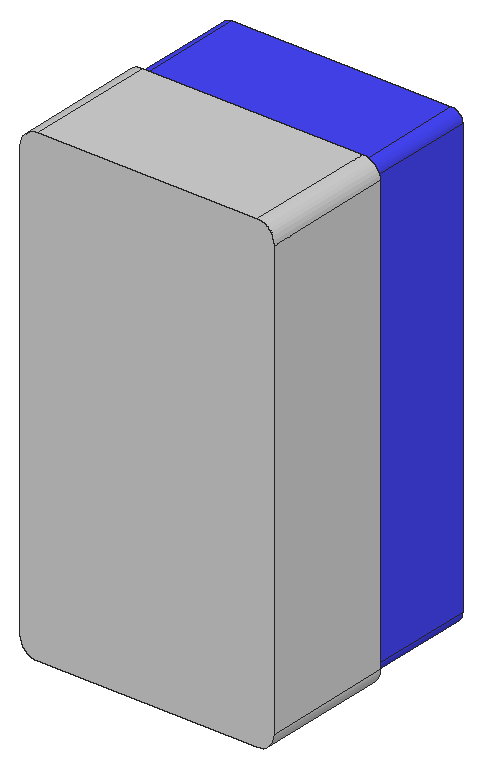
Revit family "Building-IEC309Connections-GEWISS-67IB-INTERLOCKED-SOCKET-OUTLETS_IP67_WITH_BOTTOM_63A", category Apparecchi elettrici, host Muro, Revit 2016
Family settings
  Host = Muro
  Mantenere orientamento annotazione = Sì
  Tipo di parte = Normale
  Quota connettore circolare = Usa diametro
  Numero OmniClass = 23.80.50.14
  Titolo OmniClass = Plug Connectors
  Sempre verticale = Sì
  Taglio con vuoti quando caricato = No
  Condiviso = No
  Punto di calcolo locali = No
Parameters (values of type "GW67266N - 63A 3P+N+E 500V V.INT.SOCK.O.W.B.7H SBF")
  Working temperature = "-25 ÷ +40 °C"
  With back-mounting box = "Yes"
  Vista di pianta [instance] = yes
  Vetro = GEWISS - vetro
  Version file RFA = "18.0"
  URL = "https://www.gewiss.com/ww/en"
  Typology = "Vertical"
  Tipo Simbolo = PRESAINDSTAGNA : 3P
  Thermo-pressure with ball = "125 °C (IB socket) - 80 °C (bottom)"
  Technical sheet = "https://www.gewiss.com/ww/en/search?q=GW67266N"
  Struttura frontale = GEWISS -BLU
  Struttura = GEWISS - Grigio RAL - 7035
  Simbolo [instance] = yes
  Shock resistance = "IK08"
  SEO = "Socket outlet"
  Reference h = "7"
  Realized by GEWISS S.p.A. = ""
  Rated voltage: = "480 - 500 V"
  Rated voltage = "480 - 500 V"
  Rated frequency (Hz) = "50/60 Hz"
  Rated current (In) = "63"
  Rated current (A) = "63"
  Protection = "NO (SBF)"
  Produttore = "GEWISS S.p.A."
  Presa = GEWISS - NERO
  Potenza = 500 V
  Operating temperature: = "-25 +40 °C"
  Numero poli = 3
  Number of poles = "3P+N+E"
  No. of poles = "3P+N+E"
  Modello = "GW67266N"
  Immagine tipo = GW67265N.jpg
  IP degree = "IP67"
  IFC.TypeObject = ""
  IFC.ExportType = ""
  IFC.ExportAs = ""
  IDT = "a25d3694-d0a1-482b-9cd4-b67b9b60fa6b"
  IDF = "51023168-ce68-4f6c-bb69-d728f941b970"
  Glow wire test: = "850 °C (IB socket) - 650 °C (bottom)"
  Glow Wire Test = "850 °C (IB socket) - 650 °C (bottom)"
  Frequency = "50/60 Hz"
  Electrocod = "2222"
  EAN code = "8011564742369"
  Distanza orizzontale del simbolo [instance] = 0 mm
  Distanza dal muro [instance] = 20 mm
  Descrizione = "63A 3P+N+E 500V V.INT.SOCK.O.W.B.7H SBF"
  Cornice simbolo [instance] = yes
  Colour: = "Black"
  Colour = "Black"
  Classificazione carico = Altro
  Catalogue Range = "67 IB"
  Catalogue = "BUILDING"
  Carico apparente = 0 VA
  COBie.Tagnumber = ""
  COBie.CreatedOn = ""
  COBie.CreatebBy = ""
  COBie.ComponentRegisterItemID = ""
  COBie.Component.TagNumber = ""
  COBie.Component.Space = ""
  COBie.Component.SerialNumber = ""
  COBie.Component.InstallationDate = ""
  COBie.Component.Description = ""
  COBie.Component.BarCode = ""
  Altezza da terra = 1111.728 mm
Reference planes
  plane 1 "Muro": y = 0
  plane 2 "Centro (Sinistra/Destra)": x = 125
  plane 3 "Indietro": y = 75
  plane 4: z = 1111.728
  plane 5: x = 125
Lines and regions (mm)
  Masking region 1, visible <- "Vista di pianta"
    outline origin (0, 86.291, 0) x (1, 0, 0) y (0, 1, 0)
      loop
        line (78.101, 137.709) -> (78.101, 130.821) -> (171.899, 130.821) -> (171.899, 137.709) -> (78.101, 137.709)
      loop
        line (56.116, 126.991) -> (56.116, 63.709) -> (193.884, 63.709) -> (193.884, 126.991) -> (56.116, 126.991)
  Masking region 2, visible <- "Vista di pianta"
    outline origin (0, 0, 0) x (1, 0, 0) y (0, 1, 0)
      loop
        line (87.653, 213.282) -> (165, 213.282) -> (165, 217.112) -> (87.653, 217.112) -> (87.653, 213.282)
      loop
        line (197.5, 150) -> (52.5, 150) -> (52.5, 75) -> (197.5, 75) -> (197.5, 150)
  Masking region 3
    outline origin (125, 0, 0) x (0, 1, 0) y (0, 0, 1)
      loop
        line (150, 1111.728) -> (150, 1381.528) -> (75, 1381.528) -> (75, 1111.728) -> (150, 1111.728)
      loop
        line (224, 1347.029) -> (213.282, 1347.029) -> (213.282, 1277.029) -> (224, 1277.029) -> (224, 1347.029)
      loop
        line (224, 1218.2) -> (213.282, 1218.2) -> (213.282, 1124.403) -> (224, 1124.403) -> (224, 1218.2)
  Masking region 4
    outline origin (125, 0, 0) x (0, 1, 0) y (0, 0, 1)
      loop
        line (213.282, 1115.344) -> (213.282, 1377.912) -> (150, 1377.912) -> (150, 1115.344) -> (213.282, 1115.344)
Text (mm)
  text "Lato posizionamento" at (-1848.837, 1116.779, 0), in view "Livello rif."
  text "Lato posizionamento" at (0, 1409.804, 2854.306), in view "Sinistra"
  text "Lato posizionamento" at (0, 499.811, 2980.732), in view "Destra"
Dimensions and locks
  locked: plane 3 "Indietro" to host wall
  "Altezza da terra": level to plane 4
  plane 4 to nested 1 = 269.8 mm
  nested 1 to nested 1 = 145 mm
  "Distanza orizzontale del simbolo": plane 5 to plane 2 "Centro (Sinistra/Destra)"
  aligned and locked: plane 1 "Muro" to host wall
  aligned and locked: plane 4 to nested 1
  aligned and locked: nested 2 to plane 5
  aligned and locked: Masking region 3 sketch curve to nested 1  (x8)
  aligned and locked: Masking region 4 sketch curve to nested 1  (x4)
  aligned and locked: nested 1 to plane 3 "Indietro"
  aligned and locked: plane 3 "Indietro" to nested 1
  aligned and locked: nested 1 to nested 1
  aligned and locked: Masking region 2 to nested 1  (x2)
  aligned and locked: nested 1 to Masking region 2
  aligned and locked: nested 1 to Masking region 1
Automatic sketch dimensions
  host wall to Masking region 1 sketch curve = 75 mm
  Masking region 1 sketch curve to plane 2 "Centro (Sinistra/Destra)" = 68.884 mm
  Masking region 1 sketch curve to Masking region 1 sketch curve = 21.986 mm  (x2)
  plane 2 "Centro (Sinistra/Destra)" to Masking region 1 sketch curve = 46.899 mm
  Masking region 1 sketch curve to Masking region 1 sketch curve = 63.282 mm
  Masking region 1 sketch curve to Masking region 1 sketch curve = 3.83 mm
  Masking region 1 sketch curve to Masking region 1 sketch curve = 6.888 mm
  Masking region 2 sketch curve to host wall = 0 mm
  host wall to Masking region 2 sketch curve = 75 mm
  Masking region 2 sketch curve to plane 2 "Centro (Sinistra/Destra)" = 72.5 mm
  Masking region 2 sketch curve to plane 2 "Centro (Sinistra/Destra)" = 37.347 mm
  plane 2 "Centro (Sinistra/Destra)" to Masking region 2 sketch curve = 40 mm
  Masking region 2 sketch curve to Masking region 2 sketch curve = 32.5 mm
  Masking region 2 sketch curve to Masking region 2 sketch curve = 63.282 mm
  Masking region 2 sketch curve to Masking region 2 sketch curve = 3.83 mm
  plane 4 to Masking region 3 sketch curve = 12.674 mm
  Masking region 3 sketch curve to Masking region 3 sketch curve = 93.797 mm
  Masking region 3 sketch curve to Masking region 3 sketch curve = 58.829 mm
  Masking region 3 sketch curve to Masking region 3 sketch curve = 34.5 mm
Nested families
  nested 1: "IB PRESE INTERBLOC" at (125, 75, 841.928) x (-1, 0, 0) z (0, 0, 1), type "IB PRESE INTERBLOC"
  nested 2: "PRESAINDSTAGNA" at (125, -324.982, 0), Distanza dal muro <- "Distanza dal muro", BORDO ACCESO <- "Cornice simbolo", SIMBOLO ACCESO <- "Simbolo", type <- "Tipo Simbolo", type "3P"
    with SIMBOLO ACCESO yes, Distanza dal muro 20 mm, BORDO ACCESO yes
  nested 3: "2D - IB PRESE INTERBLOC VERT 63A + PORTAFUS IP67" at (125, 0, 1111.728) x (-1, 0, 0) z (0, -1, 0), type "BIDIMENSIONALE"
Connectors
  electrical at (125, 112.5, 1111.728), driven by "Numero poli", driven by "Classificazione carico", driven by "Potenza", driven by "Carico apparente"
    settings: on nested 1, index 1, voltage 500 V, apparent load 0 VA, apparent load phase1 0 VA, apparent load phase2 0 VA, apparent load phase3 0 VA, power factor 1, load classification "Altro", number of poles 3, system type 31, power factor state 1, is connector primary yes, connector utility no, sub classification motor no, connector description ""
Definition of nested family "IB PRESE INTERBLOC"
  Parameters (values of type "IB PRESE INTERBLOC")
    Vetro = none
    Struttura frontale = none
    Struttura = none
    Spessore = 30 mm
    Default Elevation = 14 mm
    Presa = none
    Lunghezza = 145 mm
    IFC.TypeObject = ""
    IFC.ExportType = ""
    IFC.ExportAs = ""
    H_da terra = 269.8 mm
    COBie.CreatedOn = ""
    COBie.CreatebBy = ""
    COBie.ComponentRegisterItemID = ""
    COBie.Component.TagNumber = ""
    COBie.Component.Space = ""
    COBie.Component.SerialNumber = ""
    COBie.Component.InstallationDate = ""
    COBie.Component.Description = ""
    COBie.Component.BarCode = ""
    Altezza = 269.8 mm
  Reference planes
    plane 1 "Centro (Fronte/Retro)": y = 0
    plane 2: z = 0
    plane 3 "Centro (Sinistra/Destra)": x = 0
    plane 4: y = -75
    plane 5: x = -72.5
    plane 6: x = 72.5
    plane 7: z = 269.8
    plane 8: z = 539.6
    plane 9: x = -68.884
    plane 10: x = 68.884
    plane 11: z = 535.984
    plane 12: z = 273.416
    plane 13: y = -149
    plane 14: y = -138.282
    plane 15: y = -142.112
  Forms (mm)
    Extrusion 1, solid, material <- "Struttura"
      sketch origin (0, 0, 0) x (1, 0, 0) y (0, 0, 1)
        loop
          arc (-72.5, 279.8) -> (-69.571, 272.729) -> (-62.5, 269.8) r 10
          line (-62.5, 269.8) -> (62.5, 269.8)
          arc (62.5, 269.8) -> (69.571, 272.729) -> (72.5, 279.8) r 10
          line (72.5, 279.8) -> (72.5, 529.6)
          arc (72.5, 529.6) -> (69.571, 536.671) -> (62.5, 539.6) r 10
          line (62.5, 539.6) -> (-62.5, 539.6)
          arc (-62.5, 539.6) -> (-69.571, 536.671) -> (-72.5, 529.6) r 10
          line (-72.5, 529.6) -> (-72.5, 279.8)
      from 0 to 75
    Extrusion 2, solid, material <- "Struttura"
      sketch origin (0, 0, 0) x (1, 0, 0) y (0, 0, 1)
        loop
          line (-21.408, 374.665) -> (-32.003, 374.665)
          spline (-32.003, 374.665) -> (-33.047, 374.598) -> (-34.073, 374.397) -> (-35.063, 374.065) -> (-36.002, 373.609) -> (-36.871, 373.037) -> (-37.658, 372.357) -> (-38.347, 371.583) -> (-38.929, 370.726) -> (-39.391, 369.801) -> (-39.728, 368.826) -> (-39.932, 367.815) -> (-40, 366.787)
          line (-40, 366.787) -> (-40, 298.037)
          spline (-40, 298.037) -> (-39.932, 297.008) -> (-39.728, 295.997) -> (-39.391, 295.022) -> (-38.929, 294.097) -> (-38.347, 293.24) -> (-37.658, 292.466) -> (-36.871, 291.786) -> (-36.002, 291.214) -> (-35.063, 290.758) -> (-34.073, 290.427) -> (-33.047, 290.225) -> (-32.003, 290.158)
          line (-32.003, 290.158) -> (-21, 290.158) -> (29.35, 290.158)
          spline (29.35, 290.158) -> (30.394, 290.225) -> (31.42, 290.427) -> (32.411, 290.758) -> (33.349, 291.214) -> (34.218, 291.786) -> (35.005, 292.466) -> (35.695, 293.24) -> (36.276, 294.097) -> (36.738, 295.022) -> (37.075, 295.997) -> (37.279, 297.008) -> (37.347, 298.037)
          line (37.347, 298.037) -> (37.347, 366.787)
          spline (37.347, 366.787) -> (37.279, 367.815) -> (37.075, 368.826) -> (36.738, 369.801) -> (36.276, 370.726) -> (35.695, 371.583) -> (35.005, 372.357) -> (34.218, 373.037) -> (33.349, 373.609) -> (32.411, 374.065) -> (31.42, 374.397) -> (30.394, 374.598) -> (29.35, 374.665)
          line (29.35, 374.665) -> (-21.408, 374.665)
      from 138.282 to 142.112
    Extrusion 3, solid, material <- "Presa"
      sketch origin (0, 0, 0) x (1, 0, 0) y (0, 0, 1)
        loop
          circle (0, 329.373) r 46.899
      from 142.112 to 149
    Extrusion 4, solid, material <- "Struttura"
      sketch origin (0, 0, -15) x (1, 0, 0) y (0, 0, 1)
        loop
          circle (0, 485.1) r 35
        loop
          circle (0, 485.1) r 30
      from 138.282 to 149
    Extrusion 5, solid, material <- "Struttura frontale"
      sketch origin (0, 0, 0) x (1, 0, 0) y (0, 0, 1)
        loop
          arc (68.884, 529.678) -> (67.037, 534.137) -> (62.578, 535.984) r 6.306
          line (62.578, 535.984) -> (-62.578, 535.984)
          arc (-62.578, 535.984) -> (-67.037, 534.137) -> (-68.884, 529.678) r 6.306
          line (-68.884, 529.678) -> (-68.884, 279.931)
          arc (-68.884, 279.931) -> (-66.976, 275.324) -> (-62.369, 273.416) r 6.515
          line (-62.369, 273.416) -> (62.369, 273.416)
          arc (62.369, 273.416) -> (66.976, 275.324) -> (68.884, 279.931) r 6.515
          line (68.884, 279.931) -> (68.884, 529.678)
      from 75 to 138.282
    Extrusion 6, solid, material <- "Struttura"
      sketch origin (0, 0, 0) x (1, 0, 0) y (0, 0, 1)
        loop
          arc (-9.963, 471.083) -> (-10.236, 469.705) -> (-10.015, 468.317) r 4.001
          arc (-10.015, 468.317) -> (-9.857, 467.856) -> (-9.704, 467.394) r 53.759
          arc (-9.704, 467.394) -> (-7.693, 459.075) -> (-7.017, 450.544) r 54.183
          line (-7.017, 450.544) -> (-7.017, 442.035)
          spline (-7.017, 442.035) -> (-7.011, 441.922) -> (-6.992, 441.811) -> (-6.96, 441.703) -> (-6.917, 441.598) -> (-6.862, 441.5) -> (-6.796, 441.408) -> (-6.72, 441.324) -> (-6.635, 441.249) -> (-6.543, 441.185) -> (-6.443, 441.131) -> (-6.339, 441.088) -> (-6.23, 441.058)
          arc (-6.23, 441.058) -> (0, 440.389) -> (6.229, 441.058) r 29.316
          spline (6.229, 441.058) -> (6.338, 441.088) -> (6.443, 441.131) -> (6.542, 441.185) -> (6.634, 441.249) -> (6.719, 441.324) -> (6.795, 441.408) -> (6.861, 441.5) -> (6.916, 441.598) -> (6.959, 441.703) -> (6.991, 441.811) -> (7.01, 441.922) -> (7.016, 442.035)
          line (7.016, 442.035) -> (7.016, 450.535)
          arc (7.016, 450.535) -> (7.692, 459.068) -> (9.704, 467.389) r 54.184
          arc (9.704, 467.389) -> (9.858, 467.853) -> (10.016, 468.315) r 53.759
          arc (10.016, 468.315) -> (10.237, 469.703) -> (9.965, 471.082) r 4.002
          arc (9.965, 471.082) -> (6.667, 482.627) -> (5.575, 494.585) r 64.271
          line (5.575, 494.585) -> (5.607, 501.191)
          arc (5.607, 501.191) -> (5.346, 501.852) -> (4.711, 502.172) r 1
          arc (4.711, 502.172) -> (2.359, 502.356) -> (0, 502.417) r 45.391
          arc (0, 502.417) -> (-2.359, 502.356) -> (-4.711, 502.172) r 45.391
          arc (-4.711, 502.172) -> (-5.346, 501.852) -> (-5.607, 501.191) r 1
          line (-5.607, 501.191) -> (-5.574, 494.585)
          arc (-5.574, 494.585) -> (-6.667, 482.628) -> (-9.963, 471.083) r 64.271
      from 138.282 to 149
  Dimensions and locks
    "H_da terra": plane 7 to level
    "Altezza": plane 8 to plane 7
    equal spacing: plane 5, plane 3 "Centro (Sinistra/Destra)", plane 6
    "Lunghezza": plane 5 to plane 6
    locked: plane 8 to plane 11 at 3.616
    locked: plane 12 to plane 7 at 3.616
    locked: plane 5 to plane 9 at 3.616
    locked: plane 6 to plane 10 at 3.616
    locked: plane 13 to plane 15 at 6.888
    locked: plane 13 to plane 14 at 10.718
    locked: plane 13 to plane 4 at 74
    locked: plane 13 to plane 1 "Centro (Fronte/Retro)" at 149
    aligned and locked: level to plane 2
    aligned and locked: Extrusion 1 sketch curve to plane 5
    aligned and locked: Extrusion 1 sketch curve to plane 7
    aligned and locked: Extrusion 1 sketch curve to plane 6
    aligned and locked: Extrusion 1 sketch curve to plane 8
    aligned and locked: Extrusion 1 to plane 4
    aligned and locked: Extrusion 5 sketch curve to plane 10
    aligned and locked: Extrusion 5 sketch curve to plane 9
    aligned and locked: Extrusion 5 sketch curve to plane 12
    aligned and locked: Extrusion 5 sketch curve to plane 11
    aligned and locked: plane 4 to Extrusion 5
    aligned and locked: Extrusion 4 to Extrusion 5
    aligned and locked: Extrusion 4 to Extrusion 3
    aligned and locked: Extrusion 3 to Extrusion 2
    aligned and locked: Extrusion 2 to Extrusion 6
    aligned and locked: Extrusion 6 to Extrusion 3
    aligned and locked: plane 13 to Extrusion 3
    aligned and locked: plane 14 to Extrusion 5
    aligned and locked: plane 15 to Extrusion 2
    aligned and locked: Extrusion 2 to Extrusion 4
  Automatic sketch dimensions
    Extrusion 1 sketch curve to plane 9 = 6.384 mm  (x2)
    Extrusion 1 sketch curve to plane 10 = 6.384 mm  (x2)
    Extrusion 2 sketch curve to plane 9 = 28.884 mm
    Extrusion 2 sketch curve to Extrusion 2 sketch curve = 7.997 mm  (x3)
    Extrusion 2 sketch curve to plane 10 = 39.534 mm  (x2)
    Extrusion 2 sketch curve to plane 12 = 16.742 mm
    Extrusion 2 sketch curve to Extrusion 2 sketch curve = 7.878 mm  (x3)
    Extrusion 2 sketch curve to Extrusion 2 sketch curve = 68.75 mm
    Extrusion 2 sketch curve to Extrusion 2 sketch curve = 0 mm
    Extrusion 2 sketch curve to Extrusion 2 sketch curve = 2.599 mm
    Extrusion 2 sketch curve to Extrusion 2 sketch curve = 3.006 mm
    Extrusion 3 sketch curve to plane 3 "Centro (Sinistra/Destra)" = 0 mm
    Extrusion 3 sketch curve to plane 12 = 55.957 mm
    Extrusion 5 sketch curve to plane 9 = 6.306 mm
    Extrusion 5 sketch curve to plane 9 = 6.515 mm
    Extrusion 5 sketch curve to Extrusion 5 sketch curve = 6.515 mm
    Extrusion 5 sketch curve to Extrusion 5 sketch curve = 6.306 mm
    Extrusion 4 sketch curve to Extrusion 4 sketch curve = 0 mm  (x2)
    Extrusion 4 sketch curve to plane 3 "Centro (Sinistra/Destra)" = 0 mm
    Extrusion 4 sketch curve to plane 11 = 65.884 mm
    Extrusion 6 sketch curve to plane 3 "Centro (Sinistra/Destra)" = 0 mm  (x2)
    Extrusion 6 sketch curve to plane 3 "Centro (Sinistra/Destra)" = 0.003 mm
    Extrusion 6 sketch curve to plane 3 "Centro (Sinistra/Destra)" = 4.607 mm
    Extrusion 6 sketch curve to plane 3 "Centro (Sinistra/Destra)" = 5.574 mm
    Extrusion 6 sketch curve to Extrusion 6 sketch curve = 1 mm  (x4)
    Extrusion 6 sketch curve to plane 3 "Centro (Sinistra/Destra)" = 6.236 mm
    Extrusion 6 sketch curve to plane 3 "Centro (Sinistra/Destra)" = 7.017 mm
    Extrusion 6 sketch curve to plane 9 = 8.087 mm
    Extrusion 6 sketch curve to Extrusion 6 sketch curve = 0.402 mm  (x2)
    plane 9 to Extrusion 6 sketch curve = 0.961 mm
    plane 3 "Centro (Sinistra/Destra)" to Extrusion 6 sketch curve = 0.003 mm
    plane 3 "Centro (Sinistra/Destra)" to Extrusion 6 sketch curve = 4.607 mm
    plane 3 "Centro (Sinistra/Destra)" to Extrusion 6 sketch curve = 5.575 mm
    plane 3 "Centro (Sinistra/Destra)" to Extrusion 6 sketch curve = 6.236 mm
    plane 3 "Centro (Sinistra/Destra)" to Extrusion 6 sketch curve = 7.016 mm
    Extrusion 6 sketch curve to plane 10 = 8.086 mm
    plane 10 to Extrusion 6 sketch curve = 0.962 mm
    Extrusion 6 sketch curve to plane 11 = 93.949 mm
    Extrusion 6 sketch curve to Extrusion 6 sketch curve = 0 mm  (x3)
    Extrusion 6 sketch curve to Extrusion 6 sketch curve = 8.509 mm
    Extrusion 6 sketch curve to Extrusion 6 sketch curve = 8.5 mm
    Extrusion 6 sketch curve to Extrusion 6 sketch curve = 0.132 mm
    Extrusion 6 sketch curve to Extrusion 6 sketch curve = 0.138 mm
    Extrusion 6 sketch curve to Extrusion 6 sketch curve = 6.491 mm
    Extrusion 6 sketch curve to Extrusion 6 sketch curve = 12.604 mm
    Extrusion 6 sketch curve to Extrusion 6 sketch curve = 0.001 mm
    Extrusion 6 sketch curve to Extrusion 6 sketch curve = 0.075 mm
    Extrusion 6 sketch curve to Extrusion 6 sketch curve = 43.754 mm
    Extrusion 6 sketch curve to Extrusion 6 sketch curve = 43.752 mm
    Extrusion 6 sketch curve to Extrusion 6 sketch curve = 24.955 mm
    Extrusion 6 sketch curve to Extrusion 6 sketch curve = 6.593 mm  (x2)
    Extrusion 6 sketch curve to Extrusion 6 sketch curve = 0.013 mm  (x2)
    Extrusion 6 sketch curve to Extrusion 6 sketch curve = 0.104 mm
    Extrusion 6 sketch curve to Extrusion 6 sketch curve = 0.212 mm  (x2)
    Extrusion 6 sketch curve to Extrusion 6 sketch curve = 0.372 mm  (x2)
    Extrusion 6 sketch curve to Extrusion 6 sketch curve = 3.468 mm  (x2)
    Extrusion 6 sketch curve to Extrusion 6 sketch curve = 0.26 mm
    Extrusion 6 sketch curve to Extrusion 6 sketch curve = 0.261 mm
    Extrusion 6 sketch curve to Extrusion 6 sketch curve = 0.977 mm
    radius of Extrusion 3 sketch curve = 46.899 mm
    radius of Extrusion 4 sketch curve = 35 mm
    radius of Extrusion 4 sketch curve = 30 mm
Definition of nested family "PRESAINDSTAGNA"
  Parameters (values of type "2P")
    SIMBOLO ACCESO [instance] = yes
    SIMBOLO = PRESAINDSTAGNA_BASE : 2P
    Distanza dal muro [instance] = 0 mm
    BORDO ACCESO [instance] = yes
  Types (2, lengths in mm): name | SIMBOLO
    2P | PRESAINDSTAGNA_BASE : 2P
    3P | PRESAINDSTAGNA_BASE : 3P
  Reference planes
    plane 1: y = 0
    plane 2: x = 0
  Dimensions and locks
    "Distanza dal muro": plane 1 to nested 1
    aligned and locked: plane 2 to nested 1
  Nested families
    nested 1: "PRESAINDSTAGNA_BASE" at (0, 0, 0), type <- "SIMBOLO", CORNICE SIMBOLO <- "BORDO ACCESO", visible <- "SIMBOLO ACCESO", type "2P"
  Definition of nested family "PRESAINDSTAGNA_BASE"
    Parameters (values of type "3P")
      CORNICE SIMBOLO [instance] = yes
      3P = yes
    Types (2, lengths in mm): name | 3P
      3P | yes
      2P | no
    Reference planes
      plane 1: y = 0
      plane 2: x = 0
    Lines and regions (mm)
      detail lines, not visible
        curve 1: line (-2.443, 10.208, 0) -> (2.057, 10.208, 0)
        curve 2: line (2.057, 10.208, 0) -> (2.057, 4.208, 0)
        curve 3: line (2.057, 4.208, 0) -> (-2.443, 4.208, 0)
        curve 4: line (-2.443, 4.208, 0) -> (-2.443, 10.208, 0)
        curve 5: line (-2.043, 9.808, 0) -> (1.657, 9.808, 0)
        curve 6: line (1.657, 9.808, 0) -> (1.657, 4.608, 0)
        curve 7: line (1.657, 4.608, 0) -> (-2.043, 4.608, 0)
        curve 8: line (-2.043, 4.608, 0) -> (-2.043, 9.808, 0)
      detail lines
        curve 9: line (-0.333, 0.928, 0) -> (-0.05, 0.928, 0)
        curve 10: line (-0.05, 0.928, 0) -> (0.417, 1.737, 0)
        curve 11: line (0.417, 1.737, 0) -> (0.764, 1.537, 0)
        curve 12: line (-0.05, 0.928, 0) -> (-0.333, 0.437, 0)
        curve 13: line (-0.333, 0.437, 0) -> (-0.333, 2.059, 0)
        curve 14: line (0.222, 1.399, 0) -> (0.569, 1.199, 0)
        curve 15: line (-0.723, 0.437, 0) -> (0.057, 0.437, 0)
        curve 16: line (-0.333, 0.81, 0) -> (-0.216, 0.928, 0)
        curve 17: line (-0.333, 0.741, 0) -> (-0.147, 0.928, 0)
        curve 18: line (-0.333, 0.672, 0) -> (-0.078, 0.928, 0)
        curve 19: line (-0.333, 0.603, 0) -> (-0.106, 0.831, 0)
        curve 20: line (-0.333, 0.534, 0) -> (-0.2, 0.668, 0)
        curve 22: arc (-0.723, 0.047, 0) -> (-0.333, 0.437, 0) -> (0.057, 0.047, 0) r 0.39
        curve 23: line (-0.8, 2.1, 0) -> (0.8, 2.1, 0)
        curve 24: line (-0.8, 0, 0) -> (-0.8, 2.1, 0)
        curve 25: line (0.8, 0, 0) -> (-0.8, 0, 0)
        curve 26: line (0.8, 2.1, 0) -> (0.8, 0, 0)
      detail lines, visible <- "3P"
        curve 21: line (0.028, 1.061, 0) -> (0.374, 0.861, 0)
Definition of nested family "2D - IB PRESE INTERBLOC VERT 63A + PORTAFUS IP67"
  Reference planes
    plane 1 "Centro (Fronte/Retro)": y = 0
    plane 2: z = 0
    plane 3 "Centro (Sinistra/Destra)": x = 0
  Lines and regions (mm)
    model lines, in view "Livello rif."
      curve 1: line (-51.107, 115.534, 0) -> (-51.107, 90.518, 0)
      curve 2: line (-13.3, 65.007, 0) -> (13.306, 65.007, 0)
      curve 3: spline (51.107, 115.534, 0) -> (51.028, 116.714, 0) -> (50.793, 117.874, 0) -> (50.404, 118.994, 0) -> (49.869, 120.055, 0) -> (49.198, 121.039, 0) -> (48.401, 121.928, 0) -> (47.492, 122.708, 0) -> (46.487, 123.365, 0) -> (45.403, 123.888, 0) -> (44.259, 124.268, 0) -> (43.073, 124.499, 0) -> (41.867, 124.576, 0)
      curve 4: spline (-41.877, 124.576, 0) -> (-43.083, 124.498, 0) -> (-44.267, 124.266, 0) -> (-45.41, 123.885, 0) -> (-46.493, 123.362, 0) -> (-47.497, 122.704, 0) -> (-48.404, 121.924, 0) -> (-49.2, 121.035, 0) -> (-49.871, 120.052, 0) -> (-50.405, 118.992, 0) -> (-50.793, 117.873, 0) -> (-51.028, 116.713, 0) -> (-51.107, 115.534, 0)
      curve 5: spline (-56.595, 57.387, 0) -> (-54.666, 43.793, 0) -> (-49.012, 31.126, 0) -> (-40.018, 20.248, 0) -> (-28.297, 11.901, 0) -> (-14.647, 6.654, 0) -> (0.001, 4.865, 0) -> (14.648, 6.655, 0) -> (28.298, 11.902, 0) -> (40.019, 20.249, 0) -> (49.013, 31.127, 0) -> (54.667, 43.794, 0) -> (56.595, 57.388, 0) -> (54.666, 70.982, 0) -> (49.012, 83.649, 0) -> (40.018, 94.527, 0) -> (28.297, 102.874, 0) -> (14.647, 108.121, 0) -> (-0.001, 109.91, 0) -> (-14.648, 108.12, 0) -> (-28.298, 102.873, 0) -> (-40.019, 94.526, 0) -> (-49.013, 83.648, 0) -> (-54.667, 70.981, 0) -> (-56.595, 57.387, 0)
      curve 6: arc (6.31, 44.538, 0) -> (9.796, 44.596, 0) -> (13.282, 44.683, 0) r 420.797
      curve 7: line (19.056, 124.576, 0) -> (41.867, 124.576, 0)
      curve 8: line (-41.877, 124.576, 0) -> (-19.059, 124.576, 0)
      curve 9: line (13.282, 44.683, 0) -> (13.585, 44.733, 0)
      curve 10: line (13.585, 44.733, 0) -> (13.74, 44.788, 0)
      curve 11: line (13.74, 44.788, 0) -> (13.892, 44.866, 0)
      curve 12: line (13.892, 44.866, 0) -> (14.123, 45.045, 0)
      curve 13: line (14.123, 45.045, 0) -> (14.304, 45.279, 0)
      curve 14: line (14.304, 45.279, 0) -> (14.406, 45.526, 0)
      curve 15: line (14.406, 45.526, 0) -> (14.437, 45.765, 0)
      curve 16: line (-14.438, 45.772, 0) -> (-14.407, 45.531, 0)
      curve 17: line (-14.407, 45.531, 0) -> (-14.31, 45.29, 0)
      curve 18: line (-14.31, 45.29, 0) -> (-14.132, 45.053, 0)
      curve 19: line (-14.132, 45.053, 0) -> (-13.901, 44.871, 0)
      curve 20: line (-13.901, 44.871, 0) -> (-13.746, 44.79, 0)
      curve 21: line (-13.746, 44.79, 0) -> (-13.589, 44.733, 0)
      curve 22: line (-13.589, 44.733, 0) -> (-13.282, 44.683, 0)
      curve 23: line (-13.282, 44.683, 0) -> (-7.223, 44.55, 0)
      curve 24: line (-7.223, 44.55, 0) -> (-2.686, 44.505, 0)
      curve 25: line (-2.686, 44.505, 0) -> (3.695, 44.505, 0)
      curve 26: line (3.695, 44.505, 0) -> (6.31, 44.538, 0)
      curve 27: arc (19.056, 132.003, 0) -> (18.717, 132.82, 0) -> (17.901, 133.158, 0) r 1.155
      curve 28: arc (-17.904, 133.157, 0) -> (-18.721, 132.819, 0) -> (-19.059, 132.002, 0) r 1.155
      curve 29: spline (-51.109, 21.759, 0) -> (-51.029, 20.568, 0) -> (-50.792, 19.398, 0) -> (-50.401, 18.268, 0) -> (-49.863, 17.199, 0) -> (-49.187, 16.208, 0) -> (-48.385, 15.313, 0) -> (-47.471, 14.529, 0) -> (-46.461, 13.869, 0) -> (-45.371, 13.345, 0) -> (-44.221, 12.966, 0) -> (-43.03, 12.739, 0) -> (-41.82, 12.667, 0)
      curve 30: spline (41.861, 12.667, 0) -> (43.066, 12.744, 0) -> (44.251, 12.976, 0) -> (45.396, 13.358, 0) -> (46.479, 13.884, 0) -> (47.484, 14.544, 0) -> (48.393, 15.328, 0) -> (49.19, 16.222, 0) -> (49.861, 17.21, 0) -> (50.396, 18.276, 0) -> (50.785, 19.402, 0) -> (51.021, 20.568, 0) -> (51.1, 21.754, 0)
      curve 31: spline (-36.96, 56.355, 0) -> (-35.701, 47.478, 0) -> (-32.008, 39.205, 0) -> (-26.135, 32.101, 0) -> (-18.48, 26.65, 0) -> (-9.566, 23.223, 0) -> (0, 22.055, 0) -> (9.566, 23.223, 0) -> (18.48, 26.65, 0) -> (26.134, 32.101, 0) -> (32.008, 39.205, 0) -> (35.701, 47.477, 0) -> (36.96, 56.355, 0)
      curve 32: spline (36.96, 56.354, 0) -> (36.411, 62.244, 0) -> (34.781, 67.959, 0) -> (32.117, 73.329, 0) -> (28.499, 78.195, 0) -> (24.035, 82.413, 0) -> (18.856, 85.856, 0) -> (13.118, 88.422, 0) -> (6.99, 90.037, 0) -> (0.654, 90.65, 0) -> (-5.702, 90.245, 0) -> (-11.888, 88.833, 0) -> (-17.72, 86.456, 0)
      curve 33: spline (-17.72, 86.456, 0) -> (-20.54, 84.871, 0) -> (-23.197, 83.059, 0) -> (-25.668, 81.034, 0) -> (-27.936, 78.813, 0) -> (-29.981, 76.414, 0) -> (-31.788, 73.854, 0) -> (-33.342, 71.156, 0) -> (-34.631, 68.34, 0) -> (-35.644, 65.428, 0) -> (-36.373, 62.444, 0) -> (-36.813, 59.412, 0) -> (-36.96, 56.355, 0)
      curve 34: spline (40.805, 19.833, 0) -> (40.81, 19.838, 0) -> (40.815, 19.843, 0) -> (40.819, 19.849, 0) -> (40.823, 19.856, 0) -> (40.826, 19.862, 0) -> (40.829, 19.87, 0) -> (40.831, 19.877, 0) -> (40.833, 19.885, 0) -> (40.834, 19.894, 0) -> (40.836, 19.903, 0) -> (40.836, 19.912, 0) -> (40.836, 19.922, 0)
      curve 35: spline (40.183, 20.106, 0) -> (40.255, 20.049, 0) -> (40.325, 19.997, 0) -> (40.393, 19.951, 0) -> (40.457, 19.91, 0) -> (40.518, 19.876, 0) -> (40.575, 19.849, 0) -> (40.627, 19.828, 0) -> (40.674, 19.815, 0) -> (40.716, 19.809, 0) -> (40.752, 19.81, 0) -> (40.782, 19.818, 0) -> (40.805, 19.833, 0)
      curve 36: spline (40.183, 20.106, 0) -> (41.05, 20.929, 0) -> (41.897, 21.769, 0) -> (42.725, 22.625, 0) -> (43.532, 23.499, 0) -> (44.319, 24.388, 0) -> (45.084, 25.293, 0) -> (45.828, 26.213, 0) -> (46.55, 27.149, 0) -> (47.25, 28.098, 0) -> (47.927, 29.062, 0) -> (48.582, 30.039, 0) -> (49.213, 31.029, 0)
      curve 37: spline (49.213, 31.029, 0) -> (49.308, 30.989, 0) -> (49.399, 30.954, 0) -> (49.487, 30.925, 0) -> (49.57, 30.902, 0) -> (49.648, 30.885, 0) -> (49.72, 30.874, 0) -> (49.786, 30.87, 0) -> (49.844, 30.873, 0) -> (49.894, 30.882, 0) -> (49.936, 30.897, 0) -> (49.969, 30.919, 0) -> (49.993, 30.946, 0)
      curve 38: spline (54.89, 43.748, 0) -> (55.004, 43.731, 0) -> (55.114, 43.72, 0) -> (55.219, 43.714, 0) -> (55.318, 43.714, 0) -> (55.41, 43.72, 0) -> (55.493, 43.731, 0) -> (55.568, 43.747, 0) -> (55.632, 43.769, 0) -> (55.686, 43.796, 0) -> (55.728, 43.828, 0) -> (55.758, 43.865, 0) -> (55.777, 43.905, 0)
      curve 39: spline (54.89, 43.748, 0) -> (55.198, 44.863, 0) -> (55.479, 45.983, 0) -> (55.734, 47.109, 0) -> (55.963, 48.24, 0) -> (56.165, 49.375, 0) -> (56.34, 50.514, 0) -> (56.488, 51.656, 0) -> (56.61, 52.801, 0) -> (56.704, 53.948, 0) -> (56.772, 55.097, 0) -> (56.812, 56.247, 0) -> (56.826, 57.398, 0)
      curve 40: spline (56.826, 57.398, 0) -> (56.953, 57.41, 0) -> (57.076, 57.428, 0) -> (57.192, 57.451, 0) -> (57.301, 57.479, 0) -> (57.401, 57.511, 0) -> (57.49, 57.547, 0) -> (57.567, 57.587, 0) -> (57.632, 57.629, 0) -> (57.683, 57.675, 0) -> (57.72, 57.722, 0) -> (57.742, 57.77, 0) -> (57.75, 57.819, 0)
      curve 41: spline (54.889, 71.047, 0) -> (55.013, 71.09, 0) -> (55.132, 71.138, 0) -> (55.245, 71.189, 0) -> (55.351, 71.243, 0) -> (55.447, 71.3, 0) -> (55.533, 71.358, 0) -> (55.608, 71.417, 0) -> (55.67, 71.475, 0) -> (55.719, 71.533, 0) -> (55.755, 71.589, 0) -> (55.776, 71.643, 0) -> (55.782, 71.694, 0)
      curve 42: spline (54.889, 71.047, 0) -> (54.555, 72.155, 0) -> (54.195, 73.256, 0) -> (53.81, 74.349, 0) -> (53.398, 75.435, 0) -> (52.962, 76.511, 0) -> (52.5, 77.579, 0) -> (52.013, 78.637, 0) -> (51.501, 79.685, 0) -> (50.965, 80.722, 0) -> (50.405, 81.749, 0) -> (49.82, 82.763, 0) -> (49.212, 83.766, 0)
      curve 43: spline (49.212, 83.766, 0) -> (49.322, 83.838, 0) -> (49.429, 83.912, 0) -> (49.529, 83.989, 0) -> (49.624, 84.067, 0) -> (49.71, 84.146, 0) -> (49.787, 84.223, 0) -> (49.854, 84.299, 0) -> (49.91, 84.372, 0) -> (49.954, 84.441, 0) -> (49.986, 84.505, 0) -> (50.006, 84.564, 0) -> (50.012, 84.616, 0)
      curve 44: spline (40.181, 94.688, 0) -> (40.272, 94.785, 0) -> (40.359, 94.884, 0) -> (40.442, 94.984, 0) -> (40.519, 95.084, 0) -> (40.59, 95.182, 0) -> (40.653, 95.277, 0) -> (40.708, 95.368, 0) -> (40.753, 95.454, 0) -> (40.789, 95.533, 0) -> (40.815, 95.604, 0) -> (40.83, 95.667, 0) -> (40.834, 95.72, 0)
      curve 45: spline (40.181, 94.688, 0) -> (39.295, 95.492, 0) -> (38.39, 96.279, 0) -> (37.467, 97.047, 0) -> (36.526, 97.796, 0) -> (35.568, 98.526, 0) -> (34.592, 99.236, 0) -> (33.601, 99.926, 0) -> (32.593, 100.597, 0) -> (31.57, 101.246, 0) -> (30.531, 101.875, 0) -> (29.479, 102.482, 0) -> (28.412, 103.068, 0)
      curve 46: spline (28.412, 103.068, 0) -> (28.475, 103.183, 0) -> (28.537, 103.3, 0) -> (28.595, 103.416, 0) -> (28.649, 103.531, 0) -> (28.699, 103.644, 0) -> (28.744, 103.751, 0) -> (28.782, 103.853, 0) -> (28.815, 103.948, 0) -> (28.84, 104.034, 0) -> (28.859, 104.111, 0) -> (28.87, 104.178, 0) -> (28.874, 104.233, 0)
      curve 47: spline (14.706, 108.337, 0) -> (14.74, 108.465, 0) -> (14.772, 108.595, 0) -> (14.802, 108.724, 0) -> (14.831, 108.85, 0) -> (14.857, 108.973, 0) -> (14.88, 109.09, 0) -> (14.9, 109.2, 0) -> (14.916, 109.301, 0) -> (14.929, 109.392, 0) -> (14.939, 109.472, 0) -> (14.944, 109.54, 0) -> (14.945, 109.594, 0)
      curve 48: spline (14.706, 108.337, 0) -> (13.505, 108.622, 0) -> (12.298, 108.883, 0) -> (11.085, 109.12, 0) -> (9.866, 109.332, 0) -> (8.643, 109.52, 0) -> (7.416, 109.682, 0) -> (6.185, 109.82, 0) -> (4.951, 109.933, 0) -> (3.715, 110.02, 0) -> (2.477, 110.083, 0) -> (1.238, 110.121, 0) -> (-0.001, 110.133, 0)
      curve 49: spline (-14.948, 109.586, 0) -> (-14.946, 109.53, 0) -> (-14.94, 109.461, 0) -> (-14.931, 109.381, 0) -> (-14.918, 109.29, 0) -> (-14.901, 109.189, 0) -> (-14.881, 109.08, 0) -> (-14.858, 108.964, 0) -> (-14.832, 108.843, 0) -> (-14.804, 108.718, 0) -> (-14.774, 108.59, 0) -> (-14.742, 108.463, 0) -> (-14.709, 108.336, 0)
      curve 50: spline (-14.709, 108.336, 0) -> (-15.903, 108.026, 0) -> (-17.089, 107.692, 0) -> (-18.267, 107.334, 0) -> (-19.437, 106.952, 0) -> (-20.597, 106.547, 0) -> (-21.748, 106.118, 0) -> (-22.888, 105.666, 0) -> (-24.017, 105.192, 0) -> (-25.135, 104.694, 0) -> (-26.241, 104.174, 0) -> (-27.334, 103.631, 0) -> (-28.414, 103.067, 0)
      curve 51: spline (14.709, 6.457, 0) -> (15.903, 6.766, 0) -> (17.089, 7.1, 0) -> (18.267, 7.458, 0) -> (19.437, 7.84, 0) -> (20.597, 8.245, 0) -> (21.748, 8.674, 0) -> (22.888, 9.126, 0) -> (24.017, 9.601, 0) -> (25.135, 10.098, 0) -> (26.241, 10.619, 0) -> (27.334, 11.161, 0) -> (28.414, 11.725, 0)
      curve 52: spline (28.414, 11.725, 0) -> (28.463, 11.657, 0) -> (28.51, 11.593, 0) -> (28.555, 11.535, 0) -> (28.599, 11.483, 0) -> (28.64, 11.437, 0) -> (28.679, 11.397, 0) -> (28.715, 11.365, 0) -> (28.748, 11.34, 0) -> (28.778, 11.322, 0) -> (28.804, 11.312, 0) -> (28.826, 11.309, 0) -> (28.844, 11.314, 0)
      curve 53: spline (-28.876, 104.231, 0) -> (-28.872, 104.176, 0) -> (-28.861, 104.11, 0) -> (-28.843, 104.033, 0) -> (-28.817, 103.947, 0) -> (-28.785, 103.852, 0) -> (-28.746, 103.75, 0) -> (-28.702, 103.642, 0) -> (-28.652, 103.53, 0) -> (-28.597, 103.415, 0) -> (-28.539, 103.298, 0) -> (-28.478, 103.182, 0) -> (-28.414, 103.067, 0)
      curve 54: spline (-40.836, 95.714, 0) -> (-40.831, 95.66, 0) -> (-40.815, 95.597, 0) -> (-40.789, 95.525, 0) -> (-40.753, 95.447, 0) -> (-40.707, 95.361, 0) -> (-40.652, 95.271, 0) -> (-40.589, 95.176, 0) -> (-40.519, 95.079, 0) -> (-40.442, 94.98, 0) -> (-40.36, 94.88, 0) -> (-40.273, 94.782, 0) -> (-40.183, 94.686, 0)
      curve 55: spline (-40.183, 94.686, 0) -> (-41.05, 93.864, 0) -> (-41.897, 93.024, 0) -> (-42.725, 92.167, 0) -> (-43.532, 91.294, 0) -> (-44.319, 90.404, 0) -> (-45.084, 89.499, 0) -> (-45.828, 88.579, 0) -> (-46.55, 87.644, 0) -> (-47.25, 86.694, 0) -> (-47.927, 85.731, 0) -> (-48.582, 84.754, 0) -> (-49.213, 83.763, 0)
      curve 56: spline (-50.014, 84.614, 0) -> (-50.007, 84.561, 0) -> (-49.988, 84.503, 0) -> (-49.956, 84.438, 0) -> (-49.911, 84.369, 0) -> (-49.855, 84.296, 0) -> (-49.788, 84.221, 0) -> (-49.711, 84.143, 0) -> (-49.625, 84.065, 0) -> (-49.531, 83.987, 0) -> (-49.43, 83.91, 0) -> (-49.324, 83.835, 0) -> (-49.213, 83.763, 0)
      curve 57: spline (-55.783, 71.688, 0) -> (-55.775, 71.637, 0) -> (-55.754, 71.583, 0) -> (-55.718, 71.527, 0) -> (-55.668, 71.47, 0) -> (-55.606, 71.411, 0) -> (-55.531, 71.353, 0) -> (-55.445, 71.295, 0) -> (-55.349, 71.239, 0) -> (-55.244, 71.186, 0) -> (-55.132, 71.135, 0) -> (-55.013, 71.087, 0) -> (-54.89, 71.044, 0)
      curve 58: spline (-54.89, 71.044, 0) -> (-55.198, 69.93, 0) -> (-55.479, 68.809, 0) -> (-55.734, 67.683, 0) -> (-55.963, 66.553, 0) -> (-56.165, 65.417, 0) -> (-56.34, 64.278, 0) -> (-56.488, 63.136, 0) -> (-56.61, 61.991, 0) -> (-56.704, 60.844, 0) -> (-56.772, 59.695, 0) -> (-56.813, 58.545, 0) -> (-56.826, 57.395, 0)
      curve 59: spline (-55.779, 43.914, 0) -> (-55.763, 43.872, 0) -> (-55.735, 43.833, 0) -> (-55.694, 43.8, 0) -> (-55.642, 43.771, 0) -> (-55.578, 43.748, 0) -> (-55.503, 43.73, 0) -> (-55.419, 43.718, 0) -> (-55.326, 43.712, 0) -> (-55.225, 43.711, 0) -> (-55.118, 43.717, 0) -> (-55.006, 43.728, 0) -> (-54.889, 43.746, 0)
      curve 60: spline (-54.889, 43.746, 0) -> (-54.555, 42.638, 0) -> (-54.196, 41.537, 0) -> (-53.81, 40.443, 0) -> (-53.399, 39.358, 0) -> (-52.962, 38.281, 0) -> (-52.5, 37.213, 0) -> (-52.013, 36.155, 0) -> (-51.501, 35.107, 0) -> (-50.965, 34.07, 0) -> (-50.405, 33.044, 0) -> (-49.82, 32.029, 0) -> (-49.212, 31.027, 0)
      curve 61: spline (-50.012, 31.019, 0) -> (-50.012, 31.012, 0) -> (-50.012, 31.005, 0) -> (-50.011, 30.999, 0) -> (-50.01, 30.992, 0) -> (-50.009, 30.986, 0) -> (-50.007, 30.979, 0) -> (-50.006, 30.973, 0) -> (-50.004, 30.967, 0) -> (-50.001, 30.961, 0) -> (-49.999, 30.956, 0) -> (-49.996, 30.95, 0) -> (-49.993, 30.945, 0)
      curve 62: spline (-49.993, 30.945, 0) -> (-49.969, 30.917, 0) -> (-49.936, 30.895, 0) -> (-49.894, 30.88, 0) -> (-49.844, 30.871, 0) -> (-49.786, 30.868, 0) -> (-49.72, 30.872, 0) -> (-49.648, 30.882, 0) -> (-49.57, 30.899, 0) -> (-49.486, 30.922, 0) -> (-49.398, 30.951, 0) -> (-49.307, 30.986, 0) -> (-49.212, 31.027, 0)
      curve 63: spline (-40.803, 19.831, 0) -> (-40.78, 19.816, 0) -> (-40.75, 19.808, 0) -> (-40.714, 19.807, 0) -> (-40.672, 19.813, 0) -> (-40.625, 19.826, 0) -> (-40.573, 19.847, 0) -> (-40.516, 19.874, 0) -> (-40.455, 19.908, 0) -> (-40.391, 19.949, 0) -> (-40.323, 19.995, 0) -> (-40.253, 20.047, 0) -> (-40.181, 20.105, 0)
      curve 64: spline (-40.181, 20.105, 0) -> (-39.295, 19.3, 0) -> (-38.39, 18.513, 0) -> (-37.467, 17.746, 0) -> (-36.526, 16.996, 0) -> (-35.568, 16.267, 0) -> (-34.592, 15.556, 0) -> (-33.601, 14.866, 0) -> (-32.593, 14.196, 0) -> (-31.57, 13.546, 0) -> (-30.531, 12.918, 0) -> (-29.479, 12.31, 0) -> (-28.412, 11.724, 0)
      curve 65: spline (-28.874, 11.403, 0) -> (-28.874, 11.391, 0) -> (-28.873, 11.38, 0) -> (-28.872, 11.37, 0) -> (-28.87, 11.361, 0) -> (-28.868, 11.352, 0) -> (-28.866, 11.344, 0) -> (-28.863, 11.337, 0) -> (-28.859, 11.331, 0) -> (-28.856, 11.325, 0) -> (-28.851, 11.32, 0) -> (-28.847, 11.316, 0) -> (-28.842, 11.313, 0)
      curve 66: spline (-28.842, 11.313, 0) -> (-28.823, 11.308, 0) -> (-28.801, 11.311, 0) -> (-28.775, 11.321, 0) -> (-28.746, 11.339, 0) -> (-28.713, 11.364, 0) -> (-28.677, 11.396, 0) -> (-28.638, 11.435, 0) -> (-28.596, 11.481, 0) -> (-28.553, 11.533, 0) -> (-28.507, 11.592, 0) -> (-28.46, 11.655, 0) -> (-28.412, 11.724, 0)
      curve 67: spline (-14.929, 5.966, 0) -> (-14.92, 5.964, 0) -> (-14.908, 5.97, 0) -> (-14.895, 5.985, 0) -> (-14.88, 6.008, 0) -> (-14.863, 6.039, 0) -> (-14.844, 6.078, 0) -> (-14.824, 6.124, 0) -> (-14.802, 6.178, 0) -> (-14.78, 6.238, 0) -> (-14.756, 6.305, 0) -> (-14.731, 6.378, 0) -> (-14.706, 6.456, 0)
      curve 68: spline (-14.706, 6.456, 0) -> (-13.505, 6.17, 0) -> (-12.298, 5.909, 0) -> (-11.085, 5.672, 0) -> (-9.866, 5.46, 0) -> (-8.643, 5.273, 0) -> (-7.416, 5.11, 0) -> (-6.185, 4.973, 0) -> (-4.951, 4.86, 0) -> (-3.715, 4.772, 0) -> (-2.477, 4.709, 0) -> (-1.238, 4.672, 0) -> (0.001, 4.659, 0)
      curve 69: spline (14.928, 5.964, 0) -> (14.931, 5.966, 0) -> (14.934, 5.968, 0) -> (14.937, 5.972, 0) -> (14.939, 5.976, 0) -> (14.941, 5.982, 0) -> (14.943, 5.988, 0) -> (14.945, 5.996, 0) -> (14.946, 6.005, 0) -> (14.947, 6.014, 0) -> (14.948, 6.025, 0) -> (14.948, 6.037, 0) -> (14.948, 6.05, 0)
      curve 70: spline (14.709, 6.457, 0) -> (14.733, 6.381, 0) -> (14.757, 6.311, 0) -> (14.78, 6.246, 0) -> (14.801, 6.187, 0) -> (14.822, 6.135, 0) -> (14.842, 6.089, 0) -> (14.86, 6.049, 0) -> (14.877, 6.017, 0) -> (14.893, 5.992, 0) -> (14.906, 5.975, 0) -> (14.918, 5.966, 0) -> (14.928, 5.964, 0)
      curve 71: spline (14.945, 114.302, 0) -> (13.725, 114.592, 0) -> (12.498, 114.858, 0) -> (11.265, 115.099, 0) -> (10.027, 115.314, 0) -> (8.784, 115.505, 0) -> (7.536, 115.67, 0) -> (6.286, 115.81, 0) -> (5.032, 115.924, 0) -> (3.776, 116.013, 0) -> (2.518, 116.077, 0) -> (1.258, 116.115, 0) -> (-0.001, 116.128, 0)
      curve 72: spline (40.834, 100.432, 0) -> (39.934, 101.249, 0) -> (39.014, 102.049, 0) -> (38.076, 102.829, 0) -> (37.12, 103.59, 0) -> (36.146, 104.332, 0) -> (35.155, 105.054, 0) -> (34.147, 105.755, 0) -> (33.123, 106.436, 0) -> (32.083, 107.097, 0) -> (31.028, 107.735, 0) -> (29.958, 108.353, 0) -> (28.874, 108.948, 0)
      curve 73: spline (55.782, 76.406, 0) -> (55.442, 77.532, 0) -> (55.077, 78.651, 0) -> (54.685, 79.762, 0) -> (54.267, 80.865, 0) -> (53.823, 81.96, 0) -> (53.353, 83.045, 0) -> (52.859, 84.12, 0) -> (52.339, 85.185, 0) -> (51.794, 86.239, 0) -> (51.224, 87.282, 0) -> (50.63, 88.313, 0) -> (50.012, 89.332, 0)
      curve 74: spline (56.418, 51.091, 0) -> (56.541, 51.625, 0) -> (56.658, 52.159, 0) -> (56.768, 52.694, 0) -> (56.873, 53.231, 0) -> (56.972, 53.768, 0) -> (57.065, 54.306, 0) -> (57.153, 54.845, 0) -> (57.234, 55.385, 0) -> (57.309, 55.926, 0) -> (57.379, 56.467, 0) -> (57.442, 57.009, 0) -> (57.5, 57.552, 0)
      curve 75: spline (57.75, 65.56, 0) -> (56.892, 74.763, 0) -> (54.345, 83.693, 0) -> (50.183, 92.084, 0) -> (44.53, 99.687, 0) -> (37.554, 106.276, 0) -> (29.463, 111.656, 0) -> (20.497, 115.667, 0) -> (10.921, 118.189, 0) -> (1.021, 119.148, 0) -> (-8.909, 118.514, 0) -> (-18.574, 116.308, 0) -> (-27.688, 112.594, 0)
      curve 76: spline (-14.948, 114.302, 0) -> (-16.162, 113.987, 0) -> (-17.367, 113.647, 0) -> (-18.565, 113.283, 0) -> (-19.753, 112.895, 0) -> (-20.932, 112.484, 0) -> (-22.101, 112.048, 0) -> (-23.26, 111.589, 0) -> (-24.408, 111.106, 0) -> (-25.543, 110.6, 0) -> (-26.667, 110.072, 0) -> (-27.778, 109.521, 0) -> (-28.876, 108.947, 0)
      curve 77: spline (-40.836, 100.43, 0) -> (-41.718, 99.594, 0) -> (-42.579, 98.74, 0) -> (-43.42, 97.87, 0) -> (-44.24, 96.982, 0) -> (-45.039, 96.079, 0) -> (-45.817, 95.159, 0) -> (-46.573, 94.223, 0) -> (-47.307, 93.273, 0) -> (-48.018, 92.308, 0) -> (-48.707, 91.329, 0) -> (-49.372, 90.336, 0) -> (-50.014, 89.33, 0)
      curve 78: spline (-27.688, 112.594, 0) -> (-32.09, 110.12, 0) -> (-36.237, 107.292, 0) -> (-40.096, 104.133, 0) -> (-43.637, 100.667, 0) -> (-46.831, 96.923, 0) -> (-49.653, 92.929, 0) -> (-52.081, 88.718, 0) -> (-54.096, 84.324, 0) -> (-55.681, 79.78, 0) -> (-56.824, 75.123, 0) -> (-57.515, 70.391, 0) -> (-57.75, 65.62, 0)
      curve 79: spline (49.993, 30.946, 0) -> (50.613, 31.968, 0) -> (51.208, 33.001, 0) -> (51.779, 34.047, 0) -> (52.325, 35.103, 0) -> (52.846, 36.171, 0) -> (53.342, 37.249, 0) -> (53.813, 38.337, 0) -> (54.258, 39.434, 0) -> (54.677, 40.54, 0) -> (55.07, 41.654, 0) -> (55.436, 42.776, 0) -> (55.777, 43.905, 0)
      curve 80: spline (28.844, 11.314, 0) -> (29.928, 11.91, 0) -> (30.998, 12.527, 0) -> (32.053, 13.166, 0) -> (33.093, 13.827, 0) -> (34.117, 14.508, 0) -> (35.125, 15.21, 0) -> (36.116, 15.932, 0) -> (37.09, 16.673, 0) -> (38.047, 17.435, 0) -> (38.985, 18.216, 0) -> (39.905, 19.015, 0) -> (40.805, 19.833, 0)
      curve 81: arc (-57.75, 57.66, 0) -> (-57.243, 50.718, 0) -> (-55.779, 43.914, 0) r 50.131
      curve 82: spline (-49.993, 30.945, 0) -> (-49.35, 29.937, 0) -> (-48.684, 28.943, 0) -> (-47.994, 27.963, 0) -> (-47.282, 26.996, 0) -> (-46.547, 26.045, 0) -> (-45.79, 25.108, 0) -> (-45.011, 24.187, 0) -> (-44.211, 23.282, 0) -> (-43.39, 22.394, 0) -> (-42.548, 21.522, 0) -> (-41.686, 20.668, 0) -> (-40.803, 19.831, 0)
      curve 83: arc (-28.842, 11.312, 0) -> (-22.052, 8.207, 0) -> (-14.929, 5.966, 0) r 60.267
      curve 84: arc (0.001, 4.14, 0) -> (7.52, 4.597, 0) -> (14.928, 5.964, 0) r 61.894
      curve 85: line (17.901, 133.158, 0) -> (15.013, 133.158, 0)
      curve 86: line (19.056, 132.003, 0) -> (19.056, 124.401, 0)
      curve 87: line (19.056, 124.401, 0) -> (19.056, 116.154, 0)
      curve 88: line (-17.904, 133.157, 0) -> (-15.017, 133.157, 0)
      curve 89: line (-19.059, 132.002, 0) -> (-19.059, 124.393, 0)
      curve 90: line (-19.059, 124.393, 0) -> (-19.059, 116.153, 0)
      curve 91: line (-51.109, 21.759, 0) -> (-51.109, 34.342, 0)
      curve 92: line (51.1, 21.759, 0) -> (51.1, 32.81, 0)
      curve 93: line (51.108, 90.516, 0) -> (51.108, 115.534, 0)
      curve 94: line (41.861, 12.667, 0) -> (31.232, 12.667, 0)
      curve 95: line (-30.104, 12.667, 0) -> (-41.82, 12.667, 0)
      curve 96: line (-0.001, 110.133, 0) -> (-0.001, 111.412, 0)
      curve 97: line (-0.001, 111.412, 0) -> (-0.001, 116.128, 0)
      curve 98: line (0.001, 4.659, 0) -> (0.001, 4.14, 0)
      curve 99: line (28.874, 104.233, 0) -> (28.874, 108.948, 0)
      curve 100: line (50.012, 84.616, 0) -> (50.012, 89.332, 0)
      curve 101: line (57.75, 57.819, 0) -> (57.75, 62.535, 0)
      curve 102: line (57.75, 62.535, 0) -> (57.75, 65.56, 0)
      curve 103: line (55.783, 43.948, 0) -> (55.783, 47.337, 0)
      curve 104: line (40.836, 19.922, 0) -> (40.836, 20.723, 0)
      curve 105: line (-14.948, 114.302, 0) -> (-14.948, 109.586, 0)
      curve 106: line (55.782, 76.406, 0) -> (55.782, 71.694, 0)
      curve 107: line (40.834, 100.432, 0) -> (40.834, 95.72, 0)
      curve 108: line (14.945, 114.302, 0) -> (14.945, 109.594, 0)
      curve 109: line (-50.012, 31.019, 0) -> (-50.012, 32.357, 0)
      curve 110: line (-57.75, 62.532, 0) -> (-57.75, 57.66, 0)
      curve 111: line (-55.783, 76.403, 0) -> (-55.783, 71.687, 0)
      curve 112: line (-40.836, 100.43, 0) -> (-40.836, 95.714, 0)
      curve 113: line (-28.876, 104.231, 0) -> (-28.876, 108.947, 0)
      curve 114: line (14.948, 6.05, 0) -> (14.948, 6.517, 0)
      curve 115: line (-28.874, 11.403, 0) -> (-28.874, 11.974, 0)
      curve 116: line (-50.014, 89.33, 0) -> (-50.014, 84.614, 0)
      curve 117: line (-57.75, 62.532, 0) -> (-57.75, 65.62, 0)
      curve 118: line (14.436, 133.1, 0) -> (-14.439, 133.1, 0)
      curve 119: line (-13.3, 65.007, 0) -> (-13.594, 64.98, 0)
      curve 120: line (-13.594, 64.98, 0) -> (-13.859, 64.889, 0)
      curve 121: line (-13.859, 64.889, 0) -> (-14.113, 64.717, 0)
      curve 122: line (-14.113, 64.717, 0) -> (-14.283, 64.516, 0)
      curve 123: line (-14.283, 64.516, 0) -> (-14.403, 64.248, 0)
      curve 124: line (-14.403, 64.248, 0) -> (-14.438, 63.99, 0)
      curve 125: line (-14.438, 63.99, 0) -> (-14.438, 45.772, 0)
      curve 126: line (36.96, 56.526, 0) -> (36.96, 56.355, 0)
      curve 127: line (-36.96, 56.528, 0) -> (-36.96, 56.355, 0)
      curve 128: line (13.306, 65.007, 0) -> (13.594, 64.981, 0)
      curve 129: line (13.594, 64.981, 0) -> (13.859, 64.89, 0)
      curve 130: line (13.859, 64.89, 0) -> (14.112, 64.718, 0)
      curve 131: line (14.112, 64.718, 0) -> (14.282, 64.517, 0)
      curve 132: line (14.282, 64.517, 0) -> (14.403, 64.248, 0)
      curve 133: line (14.403, 64.248, 0) -> (14.437, 63.991, 0)
      curve 134: line (14.437, 63.991, 0) -> (14.437, 45.765, 0)
      curve 135: arc (60, 0, 0) -> (68.839, 3.661, 0) -> (72.5, 12.5, 0) r 12.5
      curve 136: arc (72.5, 257.5, 0) -> (68.839, 266.339, 0) -> (60, 270, 0) r 12.5
      curve 137: arc (-60, 270, 0) -> (-68.839, 266.339, 0) -> (-72.5, 257.5, 0) r 12.5
      curve 138: arc (-72.5, 12.5, 0) -> (-68.839, 3.661, 0) -> (-60, 0, 0) r 12.5
      curve 139: arc (-1.8, 240.155, 0) -> (0, 238.355, 0) -> (1.8, 240.155, 0) r 1.8
      curve 140: arc (1.8, 242.555, 0) -> (0, 244.355, 0) -> (-1.8, 242.555, 0) r 1.8
      curve 141: arc (-1, 240.155, 0) -> (0, 239.155, 0) -> (1, 240.155, 0) r 1
      curve 142: arc (1, 242.555, 0) -> (0, 243.555, 0) -> (-1, 242.555, 0) r 1
      curve 143: line (72.5, 257.5, 0) -> (72.5, 12.5, 0)
      curve 144: line (-60, 270, 0) -> (60, 270, 0)
      curve 145: line (-72.5, 12.5, 0) -> (-72.5, 257.5, 0)
      curve 146: line (60, 0, 0) -> (-60, 0, 0)
      curve 147: line (27.373, 227.605, 0) -> (28.173, 227.605, 0)
      curve 148: line (28.173, 227.605, 0) -> (28.173, 233.605, 0)
      curve 149: line (28.173, 233.605, 0) -> (27.373, 233.605, 0)
      curve 150: line (27.373, 233.605, 0) -> (27.373, 227.605, 0)
      curve 151: line (-1.8, 242.555, 0) -> (-1.8, 240.155, 0)
      curve 152: line (1.8, 240.155, 0) -> (1.8, 242.555, 0)
      curve 153: line (-1, 242.555, 0) -> (-1, 240.155, 0)
      curve 154: line (1, 240.155, 0) -> (1, 242.555, 0)
      curve 155: arc (1.498, 194.434, 0) -> (0.904, 195.639, 0) -> (-0.413, 195.903, 0) r 1.52
      curve 156: arc (-0.759, 195.763, 0) -> (-1.331, 195.205, 0) -> (-1.541, 194.434, 0) r 1.52
      curve 157: arc (-1.541, 182.546, 0) -> (-0.022, 181.027, 0) -> (1.498, 182.546, 0) r 1.52
      curve 158: arc (4.711, 232.572, 0) -> (2.359, 232.756, 0) -> (0, 232.817, 0) r 45.391
      curve 159: arc (0, 232.817, 0) -> (-2.359, 232.756, 0) -> (-4.711, 232.572, 0) r 45.391
      curve 160: arc (5.607, 231.591, 0) -> (5.346, 232.252, 0) -> (4.711, 232.572, 0) r 1
      curve 161: arc (-4.711, 232.572, 0) -> (-5.346, 232.252, 0) -> (-5.607, 231.591, 0) r 1
      curve 162: line (-0.413, 195.903, 0) -> (-0.413, 194.525, 0)
      curve 163: line (-0.413, 194.525, 0) -> (-0.759, 194.525, 0)
      curve 164: line (-0.759, 194.525, 0) -> (-0.759, 195.763, 0)
      curve 165: line (-1.541, 194.434, 0) -> (-1.541, 193.667, 0)
      curve 166: line (-1.541, 193.667, 0) -> (0.37, 193.667, 0)
      curve 167: line (0.37, 193.667, 0) -> (0.37, 194.871, 0)
      curve 168: line (0.37, 194.871, 0) -> (0.716, 194.871, 0)
      curve 169: line (0.716, 194.871, 0) -> (0.716, 193.667, 0)
      curve 170: line (0.716, 193.667, 0) -> (1.498, 193.667, 0)
      curve 171: line (1.498, 193.667, 0) -> (1.498, 194.434, 0)
      curve 172: line (0.716, 191.034, 0) -> (1.498, 191.034, 0)
      curve 173: line (1.498, 191.034, 0) -> (1.498, 193.321, 0)
      curve 174: line (1.498, 193.321, 0) -> (-0.413, 193.321, 0)
      curve 175: line (-0.413, 193.321, 0) -> (-0.413, 191.892, 0)
      curve 176: line (-0.413, 191.892, 0) -> (-0.759, 191.892, 0)
      curve 177: line (-0.759, 191.892, 0) -> (-0.759, 193.321, 0)
      curve 178: line (-0.759, 193.321, 0) -> (-1.541, 193.321, 0)
      curve 179: line (-1.541, 193.321, 0) -> (-1.541, 191.034, 0)
      curve 180: line (-1.541, 191.034, 0) -> (0.37, 191.034, 0)
      curve 181: line (0.37, 191.034, 0) -> (0.37, 192.464, 0)
      curve 182: line (0.37, 192.464, 0) -> (0.716, 192.464, 0)
      curve 183: line (0.716, 192.464, 0) -> (0.716, 191.034, 0)
      curve 184: line (-0.413, 189.906, 0) -> (1.498, 189.906, 0)
      curve 185: line (1.498, 189.906, 0) -> (1.498, 190.688, 0)
      curve 186: line (1.498, 190.688, 0) -> (-0.413, 190.688, 0)
      curve 187: line (-0.413, 190.688, 0) -> (-0.413, 189.906, 0)
      curve 188: line (1.498, 187.488, 0) -> (1.498, 186.658, 0)
      curve 189: line (1.498, 186.658, 0) -> (-0.759, 186.132, 0)
      curve 190: line (-0.759, 186.132, 0) -> (-0.759, 185.241, 0)
      curve 191: line (-0.759, 185.241, 0) -> (-1.541, 185.241, 0)
      curve 192: line (-1.541, 185.241, 0) -> (-1.541, 186.753, 0)
      curve 193: line (-1.541, 186.753, 0) -> (0.179, 187.154, 0)
      curve 194: line (0.179, 187.154, 0) -> (-1.541, 187.498, 0)
      curve 195: line (-1.541, 187.498, 0) -> (-1.541, 188.304, 0)
      curve 196: line (-1.541, 188.304, 0) -> (0.075, 188.681, 0)
      curve 197: line (0.075, 188.681, 0) -> (-1.541, 189.004, 0)
      curve 198: line (-1.541, 189.004, 0) -> (-1.541, 190.688, 0)
      curve 199: line (-1.541, 190.688, 0) -> (-0.759, 190.688, 0)
      curve 200: line (-0.759, 190.688, 0) -> (-0.759, 189.646, 0)
      curve 201: line (-0.759, 189.646, 0) -> (1.498, 189.194, 0)
      curve 202: line (1.498, 189.194, 0) -> (1.498, 188.371, 0)
      curve 203: line (1.498, 188.371, 0) -> (-0.538, 187.896, 0)
      curve 204: line (-0.538, 187.896, 0) -> (1.498, 187.488, 0)
      curve 205: line (-1.541, 183.662, 0) -> (1.498, 183.662, 0)
      curve 206: line (1.498, 183.662, 0) -> (1.498, 185.949, 0)
      curve 207: line (1.498, 185.949, 0) -> (0.716, 185.949, 0)
      curve 208: line (0.716, 185.949, 0) -> (0.716, 184.519, 0)
      curve 209: line (0.716, 184.519, 0) -> (0.37, 184.519, 0)
      curve 210: line (0.37, 184.519, 0) -> (0.37, 185.949, 0)
      curve 211: line (0.37, 185.949, 0) -> (-0.413, 185.949, 0)
      curve 212: line (-0.413, 185.949, 0) -> (-0.413, 184.519, 0)
      curve 213: line (-0.413, 184.519, 0) -> (-0.759, 184.519, 0)
      curve 214: line (-0.759, 184.519, 0) -> (-0.759, 184.895, 0)
      curve 215: line (-0.759, 184.895, 0) -> (-1.541, 184.895, 0)
      curve 216: line (-1.541, 184.895, 0) -> (-1.541, 183.662, 0)
      curve 217: line (-1.541, 182.546, 0) -> (-1.541, 183.316, 0)
      curve 218: line (-1.541, 183.316, 0) -> (-0.759, 183.316, 0)
      curve 219: line (-0.759, 183.316, 0) -> (-0.759, 182.112, 0)
      curve 220: line (-0.759, 182.112, 0) -> (0.716, 182.112, 0)
      curve 221: line (0.716, 182.112, 0) -> (0.716, 182.458, 0)
      curve 222: line (0.716, 182.458, 0) -> (-0.413, 182.458, 0)
      curve 223: line (-0.413, 182.458, 0) -> (-0.413, 183.316, 0)
      curve 224: line (-0.413, 183.316, 0) -> (1.498, 183.316, 0)
      curve 225: line (1.498, 183.316, 0) -> (1.498, 182.546, 0)
      curve 226: arc (20.834, 229.715, 0) -> (13.926, 233.525, 0) -> (6.357, 235.748, 0) r 36.205
      curve 227: arc (27.14, 237.517, 0) -> (27.078, 237.61, 0) -> (27.014, 237.701, 0) r 4.402
      curve 228: arc (27.014, 237.701, 0) -> (17.787, 242.846, 0) -> (7.634, 245.766, 0) r 46.295
